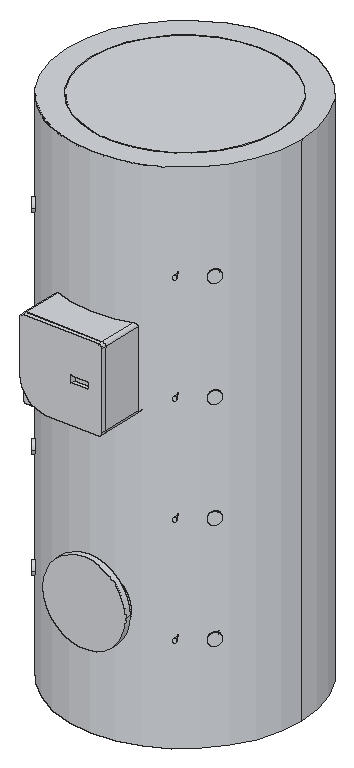
Revit family "Tank_Rheem_HotWaterStorage", category Mechanical Equipment, Revit 2014
Parameters (values of type "This Family Using Type Catalogue")
  ZoneServed = ""
  Width = 350 mm  # constant formula
  WetWeight_ANZRS = 1035.00 kg
  WarrantyStartDate = ""
  WarrantyDurationMonths = 0
  VentInstalled = no
  TankRadius = TankDiameter / 2  # 400 mm
  TankMaterial = none
  TankHeight = 2220 mm
  TankDiameter = 800 mm
  TankDiaWithInsulation = TankDiameter + 200 mm  # 1000 mm
  SupplyVoltage = 415 V
  SupplyPhase = 1
  SupplyFrequency = "50/60 Hz"  # constant formula
  StorageVolume_ANZRS = 920.0 L
  StandardsCompliance = ""
  ShippingMass = 0.00 kg
  SerialNumber = ""
  RunLoadAmps = 0 A
  R1 = 645 mm
  ProductCode = ""
  PressureReleaseValveInstalled = yes
  PowerSource = "AC"  # constant formula
  PowerFactor = 1  # constant formula
  Potable = yes
  OptionsSelected = ""
  OptionsAdditional = ""
  OperatingTempMin = 0 °C
  OperatingTempMax = 90 °C
  OperatingPressure_ANZRS = if(Potable, 850.0 Pa, 500.0 Pa)  # 850.0 Pa
  OperatingMass = 0.00 kg
  NCC_SEC_J_Compliance = yes
  NCC_Classification = ""
  NATspecWorkSection = ""
  MountingType = ""
  MotorWindingInsulation = ""
  MotorType = ""
  MotorSize = 0 kW
  MotorPoles = 0
  MotorManufacturer = ""
  MotorEfficiencyClass = ""
  Model = "1000"
  Max_SupplyPressure_ANZRS = if(Potable, 680.0 Pa, 400.0 Pa)  # 680.0 Pa
  Manufacturer = "Rheem Solahart"  # constant formula
  Location = ""
  Length = 350 mm  # constant formula
  LegDistance = 160 mm
  J = if(TankDiameter = 1600 mm, 2527 mm, if(TankDiameter = 1400 mm, 2423 mm, if(TankDiameter = 1250 mm, 2395 mm, if(TankDiameter = 1100 mm, 2148 mm, 1803 mm))))  # 1803 mm
  InsulationOnorOff [instance] = yes
  InsulationMaterialType = ""
  InsulationMaterial [instance] = none
  Installer = ""
  InstallationDate = ""
  InletOutletRadius = InletOutletDiameter / 2  # 25 mm
  InletOutletFlowRate_ANZRS = 0.0 L/s
  InletOutletDiameter = 50 mm
  InOutDistance = TankRadius - 40 mm  # 360 mm
  H = if(TankDiameter = 1600 mm, 1907 mm, if(TankDiameter = 1400 mm, 1793 mm, if(TankDiameter = 1250 mm, 1765 mm, if(TankDiameter = 1100 mm, 1586 mm, 1341 mm))))  # 1341 mm
  G = if(TankDiameter = 1600 mm, 1287 mm, if(TankDiameter = 1400 mm, 1163 mm, if(TankDiameter = 1250 mm, 1135 mm, if(TankDiameter = 1100 mm, 1024 mm, 879 mm))))  # 879 mm
  FullLoadAmps = 0 A
  FluidType = "Water"
  FluidTemperatureMin = 0 °C
  FluidTemperatureMax = 0 °C
  FluidDensity = 0.0000 kg/m³
  FlangeDistance = TankRadius - 40 mm  # 360 mm
  FactoryWitnessTest = ""
  FactoryCertificationTest = ""
  F = if(TankDiameter = 1600 mm, 667 mm, if(TankDiameter = 1400 mm, 533 mm, if(TankDiameter = 1250 mm, 505 mm, if(TankDiameter = 1100 mm, 462 mm, 417 mm))))  # 417 mm
  ExpectedServiceLifeYears = 0
  ElectricBoost [instance] = yes
  E = if(TankDiameter = 1600 mm, 2132 mm, if(TankDiameter = 1400 mm, 1963 mm, if(TankDiameter = 1250 mm, 1945 mm, if(TankDiameter = 1100 mm, 1735 mm, 1435 mm))))  # 1435 mm
  DryWeight_ANZRS = 115.00 kg
  DrainRadius = DrainDiameter / 2  # 25 mm
  DrainInstalled = yes
  DrainDiameter = 50 mm
  Dis = TankRadius  # 400 mm
  Designer = ""
  DesignClass = ""
  D = if(TankDiameter = 1600 mm, 747 mm, if(TankDiameter = 1400 mm, 628 mm, if(TankDiameter = 1250 mm, 600 mm, if(TankDiameter = 1100 mm, 555 mm, 510 mm))))  # 510 mm
  CreatedBy = "A2K Technologies"  # constant formula
  CommissioningTechnician = ""
  CommissioningInspectionTestReport = ""
  CommissioningDate = ""
  Client = ""
  Certification = ""
  AvailableHeatingUnitRating = 0 kW
  ApparentPower = 0 kW
  1 = 1535 mm
Reference planes
  plane 1 "Center (Front/Back)": y = 0
  plane 2: z = 0
  plane 3 "Center (Left/Right)": x = 0
  plane 4 "Top": z = 2220
  plane 5 "F": z = 417
  plane 6: through (342.805, -287.647, 1200) normal (0.6428, 0.766, 0)
  plane 7: through (-366.13, -307.251, 1200) normal (-0.6428, 0.7661, 0)
  plane 8 "G": z = 879
  plane 9 "H": z = 1341
  plane 10 "J": z = 1803
  plane 11: z = 510
  plane 12: z = 1435
Forms (mm)
  Extrusion 1, solid, material <- "InsulationMaterial", visible <- "InsulationOnorOff"
    sketch origin (0, 0, 0) x (1, 0, 0) y (0, 1, 0)
      loop
        circle (0, 0) r 500
      loop
        circle (0, 0) r 400
    from 0 to 2220
  Extrusion 2, solid, material <- "TankMaterial"
    sketch origin (0, 0, 0) x (1, 0, 0) y (0, 1, 0)
      loop
        circle (0, 0) r 400
    from 333.919 to 2220
  Revolve 3, solid, material <- "TankMaterial"
    sketch origin (0, 0, 0) x (1, 0, 0) y (0, 0, 1)
      loop
        line (0, 333.919) -> (0, 162.5)
        arc (0, 162.5) -> (209.504, 186.706) -> (400, 277.198) r 645
        line (400, 277.198) -> (400, 333.919) -> (0, 333.919)
      axis (0, 162.5) -> (0, 333.919)
    angle from 0 to 360
  Extrusion 4, solid, visible <- "ElectricBoost", detail levels medium+fine
    sketch origin (0, 0, 100) x (1, 0, 0) y (0, 0, 1)
      loop
        arc (-160, 1510) -> (-170.607, 1505.607) -> (-175, 1495) r 15
        line (-175, 1495) -> (-175, 1175)
        arc (-175, 1175) -> (-170.607, 1164.393) -> (-160, 1160) r 15
        line (-160, 1160) -> (160, 1160)
        arc (160, 1160) -> (170.607, 1164.393) -> (175, 1175) r 15
        line (175, 1175) -> (175, 1495)
        arc (175, 1495) -> (170.607, 1505.607) -> (160, 1510) r 15
        line (160, 1510) -> (-160, 1510)
    from 360 to 640
  Extrusion 5, solid, visible <- "ElectricBoost", detail levels medium+fine
    sketch origin (0, -300, 100) x (1, 0, 0) y (0, 0, 1)
      loop
        arc (-160, 1510) -> (-170.607, 1505.607) -> (-175, 1495) r 15
        line (-175, 1495) -> (-175, 1275)
        arc (-175, 1275) -> (-141.317, 1193.683) -> (-60, 1160) r 115
        line (-60, 1160) -> (160, 1160)
        arc (160, 1160) -> (170.607, 1164.393) -> (175, 1175) r 15
        line (175, 1175) -> (175, 1495)
        arc (175, 1495) -> (170.607, 1505.607) -> (160, 1510) r 15
        line (160, 1510) -> (-160, 1510)
      loop
        line (42.823, 1349.502) -> (42.823, 1320.498) -> (117.823, 1320.498) -> (117.823, 1349.502) -> (42.823, 1349.502)
    from 340 to 360
  Extrusion 6, solid, material <- "TankMaterial"
    sketch origin (0, 0, 0) x (1, 0, 0) y (0, 1, 0)
      loop
        circle (0, 0) r 25
    from 80.661 to 277.198
  Extrusion 7, solid, detail levels medium+fine
    sketch origin (0, 0, 0) x (1, 0, 0) y (0, 0, 1)
      loop
        circle (0, 510) r 175
    from 510 to 535
Dimensions and locks
  "TankHeight": plane 4 "Top" to level
  "FlangeDistance": plane 1 "Center (Front/Back)" to nested 1
  "InOutDistance": plane 3 "Center (Left/Right)" to nested 2
  "InOutDistance": plane 3 "Center (Left/Right)" to nested 3
  "FlangeDistance": plane 1 "Center (Front/Back)" to nested 4
  "InOutDistance": plane 3 "Center (Left/Right)" to nested 5
  "InOutDistance": plane 3 "Center (Left/Right)" to nested 6
  "InOutDistance": plane 3 "Center (Left/Right)" to nested 7
  "InOutDistance": plane 3 "Center (Left/Right)" to nested 8
  "InOutDistance": plane 3 "Center (Left/Right)" to nested 10
  "InOutDistance": plane 3 "Center (Left/Right)" to nested 9
  "InOutDistance": plane 3 "Center (Left/Right)" to nested 12
  "InOutDistance": plane 3 "Center (Left/Right)" to nested 11
  "InOutDistance": plane 3 "Center (Left/Right)" to nested 14
  "InOutDistance": plane 3 "Center (Left/Right)" to nested 13
  "LegDistance": plane 1 "Center (Front/Back)" to nested 15
  "LegDistance": plane 3 "Center (Left/Right)" to nested 16
  "LegDistance": plane 3 "Center (Left/Right)" to nested 17
  "Dis": Revolve 3 sketch curve to Revolve 3 sketch curve
  locked: Revolve 3 sketch curve to Revolve 3 sketch curve at 171.419
  locked: Revolve 3 sketch curve to Revolve 3 sketch curve at 56.721
  "Width": Extrusion 4 sketch curve to Extrusion 4 sketch curve
  locked: Extrusion 4 to Extrusion 4 at 280
  Extrusion 5 sketch curve to Extrusion 5 sketch curve = 350 mm
  "Length": Extrusion 5 sketch curve to Extrusion 5 sketch curve
  "Width": Extrusion 5 sketch curve to Extrusion 5 sketch curve
  locked: Extrusion 5 to Extrusion 5 at 20
  Extrusion 5 sketch curve to Extrusion 5 sketch curve = 29.004 mm
  locked: Extrusion 5 sketch curve to Extrusion 5 sketch curve at 75
  locked: Extrusion 7 to Extrusion 7 at 25
  locked: nested 1 to Extrusion 7 at 150
  "F": plane 5 "F" to level
  "G": plane 8 "G" to level
  "H": plane 9 "H" to level
  "J": plane 10 "J" to level
  "D": plane 11 to level
  "Length": Extrusion 4 sketch curve to Extrusion 4 sketch curve
  equal spacing: Extrusion 4 sketch curve, plane 3 "Center (Left/Right)", Extrusion 4 sketch curve
  equal spacing: Extrusion 5 sketch curve, plane 12, Extrusion 5 sketch curve  (x2)
  equal spacing: Extrusion 4 sketch curve, plane 12, Extrusion 4 sketch curve
  "E": plane 12 to level
  "TankDiaWithInsulation": diameter of Extrusion 1 sketch curve
  "TankDiameter": diameter of Extrusion 1 sketch curve
  "TankDiameter": diameter of Extrusion 2 sketch curve
  "R1": radius of Revolve 3 sketch curve
  "DrainDiameter": diameter of Extrusion 6 sketch curve
  aligned and locked: level to plane 2
  aligned and locked: Extrusion 1 to level
  aligned and locked: Extrusion 1 to plane 4 "Top"
  aligned and locked: Extrusion 2 to plane 4 "Top"
  aligned and locked: Extrusion 2 to Revolve 3 sketch curve
  aligned and locked: Extrusion 4 to nested 1
  aligned and locked: Extrusion 5 to Extrusion 4
  aligned and locked: Revolve 3 to Extrusion 6
  aligned and locked: nested 3 to plane 5 "F"
  aligned and locked: nested 2 to plane 5 "F"
  aligned and locked: nested 11 to plane 5 "F"
  aligned and locked: plane 8 "G" to nested 5
  aligned and locked: plane 8 "G" to nested 12
  aligned and locked: plane 8 "G" to nested 6
  aligned and locked: plane 9 "H" to nested 7
  aligned and locked: plane 9 "H" to nested 13
  aligned and locked: plane 9 "H" to nested 8
  aligned and locked: plane 10 "J" to nested 9
  aligned and locked: plane 10 "J" to nested 14
  aligned and locked: plane 10 "J" to nested 10
  aligned and locked: plane 11 to nested 1
  aligned and locked: plane 11 to Extrusion 7 sketch curve
  aligned and locked: nested 4 to plane 12
Automatic sketch dimensions
  Extrusion 7 sketch curve to plane 3 "Center (Left/Right)" = 0 mm
  plane 3 "Center (Left/Right)" to Extrusion 4 = 175 mm
  Extrusion 1 sketch curve to Extrusion 1 sketch curve = 0 mm  (x2)
  plane 1 "Center (Front/Back)" to Extrusion 1 sketch curve = 0 mm
  Extrusion 1 sketch curve to plane 3 "Center (Left/Right)" = 0 mm
  plane 1 "Center (Front/Back)" to Extrusion 2 sketch curve = 0 mm
  Extrusion 2 sketch curve to plane 3 "Center (Left/Right)" = 0 mm
  Revolve 3 sketch curve to plane 3 "Center (Left/Right)" = 0 mm  (x2)
  Revolve 3 sketch curve to Revolve 3 sketch curve = 0 mm
  plane 5 "F" to Revolve 3 sketch curve = 8.081 mm
  Extrusion 4 sketch curve to Extrusion 4 sketch curve = 15 mm  (x4)
  plane 9 "H" to Extrusion 5 sketch curve = 34 mm
  Extrusion 5 sketch curve to plane 3 "Center (Left/Right)" = 175 mm
  Extrusion 5 sketch curve to Extrusion 5 sketch curve = 15 mm  (x3)
  Extrusion 5 sketch curve to plane 12 = 14.502 mm
  plane 3 "Center (Left/Right)" to Extrusion 5 sketch curve = 42.823 mm
  plane 1 "Center (Front/Back)" to Extrusion 6 sketch curve = 0 mm
  Extrusion 6 sketch curve to plane 3 "Center (Left/Right)" = 0 mm
  radius of Extrusion 7 sketch curve = 175 mm
Nested families
  nested 1: "Connections" at (0, -435, 510), type "FlangeConnection", detail levels medium+fine
  nested 2: "Connections" at (333.229, -279.613, 417) x (0.6428, 0.766, 0) z (0, 0, 1), type "InletOutletConnection", detail levels medium+fine
  nested 3: "Connections" at (-333.229, -279.613, 417) x (0.6428, -0.766, 0) z (0, 0, 1), type "InletOutletConnection", detail levels medium+fine
  nested 4: "Connections" at (0, -435, 1435), type "FlangeConnection", detail levels medium+fine
  nested 5: "Connections" at (333.246, -279.592, 879) x (0.6428, 0.766, 0) z (0, 0, 1), type "InletOutletConnection", detail levels medium+fine
  nested 6: "Connections" at (-333.213, -279.632, 879) x (0.6428, -0.7661, 0) z (0, 0, 1), type "InletOutletConnection", detail levels medium+fine
  nested 7: "Connections" at (-333.207, -279.64, 1341) x (0.6428, -0.766, 0) z (0, 0, 1), type "InletOutletConnection", detail levels medium+fine
  nested 8: "Connections" at (333.229, -279.613, 1341) x (0.6428, 0.766, 0) z (0, 0, 1), type "InletOutletConnection", detail levels medium+fine
  nested 9: "Connections" at (333.253, -279.585, 1803) x (0.6427, 0.7661, 0) z (0, 0, 1), type "InletOutletConnection", detail levels medium+fine
  nested 10: "Connections" at (-333.229, -279.613, 1803) x (0.6428, -0.766, 0) z (0, 0, 1), type "InletOutletConnection", detail levels medium+fine
  nested 11: "Connections" at (249.506, -356.331, 417) x (0.8192, 0.5736, 0) z (0, 0, 1), type "SensorConnection", detail levels medium+fine
  nested 12: "Connections" at (249.506, -356.331, 879) x (0.8192, 0.5736, 0) z (0, 0, 1), type "SensorConnection", detail levels medium+fine
  nested 13: "Connections" at (249.506, -356.331, 1341) x (0.8192, 0.5736, 0) z (0, 0, 1), type "SensorConnection", detail levels medium+fine
  nested 14: "Connections" at (249.506, -356.331, 1803) x (0.8192, 0.5736, 0) z (0, 0, 1), type "SensorConnection", detail levels medium+fine
  nested 15: "Leg" at (0, 276.956, 0), type "Leg", detail levels medium+fine
  nested 16: "Leg" at (239.851, -138.478, 0) x (-0.5, -0.866, 0) z (0, 0, 1), type "Leg", detail levels medium+fine
  nested 17: "Leg" at (-239.851, -138.478, 0) x (-0.5, 0.866, 0) z (0, 0, 1), type "Leg", detail levels medium+fine
Connectors
  piping at (390.71, -327.789, 1803), diameter 50, driven by "InletOutletRadius", driven by "InletOutletFlowRate_ANZRS"
    settings: on nested 9, index 1, connector inside diameter 609.6 mm, connector length 0 mm, flow factor 0, pipe flow 0.0 L/s, pressure drop 0.0 Pa, fitting loss kfactor 0, connector angle 0.00°, fixture units 0, engagement length 0 mm, angle of deflection 0.00°, flow configuration 0, flow direction 0, fitting loss method 0, system type 19, joint type 0, gender type 0, connector reference index -1, connector utility 0, adjustable connector no, is connector primary yes, connector description "Inlet/Outlet Connection"
  piping at (390.683, -327.822, 1341), diameter 50, driven by "InletOutletRadius", driven by "InletOutletFlowRate_ANZRS"
    settings: on nested 8, index 2, connector inside diameter 609.6 mm, connector length 0 mm, flow factor 0, pipe flow 0.0 L/s, pressure drop 0.0 Pa, fitting loss kfactor 0, connector angle 0.00°, fixture units 0, engagement length 0 mm, angle of deflection 0.00°, flow configuration 0, flow direction 0, fitting loss method 0, system type 19, joint type 0, gender type 0, connector reference index -1, connector utility 0, adjustable connector no, is connector primary no, connector description "Inlet/Outlet Connection"
  piping at (390.697, -327.804, 879), diameter 50, driven by "InletOutletRadius", driven by "InletOutletFlowRate_ANZRS"
    settings: on nested 5, index 3, connector inside diameter 609.6 mm, connector length 0 mm, flow factor 0, pipe flow 0.0 L/s, pressure drop 0.0 Pa, fitting loss kfactor 0, connector angle 0.00°, fixture units 0, engagement length 0 mm, angle of deflection 0.00°, flow configuration 0, flow direction 0, fitting loss method 0, system type 19, joint type 0, gender type 0, connector reference index -1, connector utility 0, adjustable connector no, is connector primary no, connector description "Inlet/Outlet Connection"
  piping at (390.683, -327.822, 417), diameter 50, driven by "InletOutletRadius", driven by "InletOutletFlowRate_ANZRS"
    settings: on nested 2, index 4, connector inside diameter 609.6 mm, connector length 0 mm, flow factor 0, pipe flow 0.0 L/s, pressure drop 0.0 Pa, fitting loss kfactor 0, connector angle 0.00°, fixture units 0, engagement length 0 mm, angle of deflection 0.00°, flow configuration 0, flow direction 0, fitting loss method 0, system type 19, joint type 0, gender type 0, connector reference index -1, connector utility 0, adjustable connector no, is connector primary no, connector description "Inlet/Outlet Connection"
  piping at (-390.683, -327.822, 417), diameter 50, driven by "InletOutletRadius", driven by "InletOutletFlowRate_ANZRS"
    settings: on nested 3, index 5, connector inside diameter 609.6 mm, connector length 0 mm, flow factor 0, pipe flow 0.0 L/s, pressure drop 0.0 Pa, fitting loss kfactor 0, connector angle 0.00°, fixture units 0, engagement length 0 mm, angle of deflection 0.00°, flow configuration 0, flow direction 0, fitting loss method 0, system type 19, joint type 0, gender type 0, connector reference index -1, connector utility 0, adjustable connector no, is connector primary no, connector description "Inlet/Outlet Connection"
  piping at (-390.668, -327.839, 879), diameter 50, driven by "InletOutletRadius", driven by "InletOutletFlowRate_ANZRS"
    settings: on nested 6, index 6, connector inside diameter 609.6 mm, connector length 0 mm, flow factor 0, pipe flow 0.0 L/s, pressure drop 0.0 Pa, fitting loss kfactor 0, connector angle 0.00°, fixture units 0, engagement length 0 mm, angle of deflection 0.00°, flow configuration 0, flow direction 0, fitting loss method 0, system type 19, joint type 0, gender type 0, connector reference index -1, connector utility 0, adjustable connector no, is connector primary no, connector description "Inlet/Outlet Connection"
  piping at (-390.656, -327.853, 1341), diameter 50, driven by "InletOutletRadius", driven by "InletOutletFlowRate_ANZRS"
    settings: on nested 7, index 7, connector inside diameter 609.6 mm, connector length 0 mm, flow factor 0, pipe flow 0.0 L/s, pressure drop 0.0 Pa, fitting loss kfactor 0, connector angle 0.00°, fixture units 0, engagement length 0 mm, angle of deflection 0.00°, flow configuration 0, flow direction 0, fitting loss method 0, system type 19, joint type 0, gender type 0, connector reference index -1, connector utility 0, adjustable connector no, is connector primary no, connector description "Inlet/Outlet Connection"
  piping at (-390.683, -327.822, 1803), diameter 50, driven by "InletOutletRadius", driven by "InletOutletFlowRate_ANZRS"
    settings: on nested 10, index 8, connector inside diameter 609.6 mm, connector length 0 mm, flow factor 0, pipe flow 0.0 L/s, pressure drop 0.0 Pa, fitting loss kfactor 0, connector angle 0.00°, fixture units 0, engagement length 0 mm, angle of deflection 0.00°, flow configuration 0, flow direction 0, fitting loss method 0, system type 19, joint type 0, gender type 0, connector reference index -1, connector utility 0, adjustable connector no, is connector primary no, connector description "Inlet/Outlet Connection"
  piping at (0, 0, 80.661), diameter 50, driven by "DrainRadius"
    settings: on Extrusion 6, index 9, connector inside diameter 609.6 mm, connector length 0 mm, flow factor 0, pipe flow 0.0 L/s, pressure drop 0.0 Pa, fitting loss kfactor 0, connector angle 0.00°, fixture units 0, engagement length 0 mm, angle of deflection 0.00°, flow configuration 0, flow direction 0, fitting loss method 0, system type 19, joint type 0, gender type 0, connector reference index -1, connector utility 0, adjustable connector no, is connector primary no, connector description ""
  electrical at (175, -500, 1435), driven by "SupplyPhase", driven by "SupplyVoltage", driven by "ApparentPower", driven by "PowerFactor"
    settings: on Extrusion 4, index 10, voltage 415 V, apparent load 0 VA, apparent load phase1 0 VA, apparent load phase2 0 VA, apparent load phase3 0 VA, power factor 1, load classification "Other", number of poles 1, system type 30, power factor state 1, is connector primary yes, connector utility no, sub classification motor no, connector description "PowerTerminal"
  electrical at (292.524, -417.768, 1803)
    settings: on nested 14, index 11, voltage 0 V, apparent load 0 VA, apparent load phase1 0 VA, apparent load phase2 0 VA, apparent load phase3 0 VA, power factor 1, load classification "Other", number of poles 1, system type 13, power factor state 1, is connector primary no, connector utility no, sub classification motor no, connector description "Sensor Connection"
  electrical at (292.524, -417.768, 1341)
    settings: on nested 13, index 12, voltage 0 V, apparent load 0 VA, apparent load phase1 0 VA, apparent load phase2 0 VA, apparent load phase3 0 VA, power factor 1, load classification "Other", number of poles 1, system type 13, power factor state 1, is connector primary no, connector utility no, sub classification motor no, connector description "Sensor Connection"
  electrical at (292.524, -417.768, 879)
    settings: on nested 12, index 13, voltage 0 V, apparent load 0 VA, apparent load phase1 0 VA, apparent load phase2 0 VA, apparent load phase3 0 VA, power factor 1, load classification "Other", number of poles 1, system type 13, power factor state 1, is connector primary no, connector utility no, sub classification motor no, connector description "Sensor Connection"
  electrical at (292.524, -417.768, 417)
    settings: on nested 11, index 14, voltage 0 V, apparent load 0 VA, apparent load phase1 0 VA, apparent load phase2 0 VA, apparent load phase3 0 VA, power factor 1, load classification "Other", number of poles 1, system type 13, power factor state 1, is connector primary no, connector utility no, sub classification motor no, connector description "Sensor Connection"
Definition of nested family "Connections"
  Parameters (values of type "SensorConnection")
    Material = none
    Dia = 15 mm
  Types (3, lengths in mm): name | Dia
    SensorConnection | 15
    InletOutletConnection | 50
    FlangeConnection | 300
  Reference planes
    plane 1 "Center (Front/Back)": y = 0
    plane 2: z = 0
    plane 3 "Center (Left/Right)": x = 0
  Forms (mm)
    Extrusion 1, solid, material <- "Material"
      sketch origin (0, 75, 0) x (1, 0, 0) y (0, 0, 1)
        loop
          circle (0, 0) r 7.5
      from 0 to 150
  Dimensions and locks
    Extrusion 1 to Extrusion 1 = 150 mm
    equal spacing: Extrusion 1, plane 1 "Center (Front/Back)", Extrusion 1
    "Dia": diameter of Extrusion 1 sketch curve
    aligned and locked: level to plane 2
  Automatic sketch dimensions
    Extrusion 1 sketch curve to level = 0 mm
    Extrusion 1 sketch curve to plane 3 "Center (Left/Right)" = 0 mm
Definition of nested family "Leg"
  Parameters (values of type "Leg")
    Material = none
  Reference planes
    plane 1 "Center (Front/Back)": y = 0
    plane 2: z = 0
    plane 3 "Center (Left/Right)": x = 0
  Forms (mm)
    Extrusion 1, solid, material <- "Material"
      sketch origin (-219.794, -157.218, 0) x (0, 1, 0) y (0, 0, 1)
        loop
          line (240, 10) -> (240, 288.329) -> (232, 288.329) -> (232, 10)
          arc (232, 10) -> (231.414, 8.586) -> (230, 8) r 2
          line (230, 8) -> (166.128, 8)
          arc (166.128, 8) -> (165.083, 8.295) -> (164.346, 9.092) r 2
          line (164.346, 9.092) -> (49.24, 235) -> (40.262, 235) -> (157.218, 5.46)
          arc (157.218, 5.46) -> (160.903, 1.474) -> (166.128, 0) r 10
          line (166.128, 0) -> (230, 0)
          arc (230, 0) -> (237.071, 2.929) -> (240, 10) r 10
      from 194.794 to 244.794
  Dimensions and locks
    aligned and locked: level to plane 2
